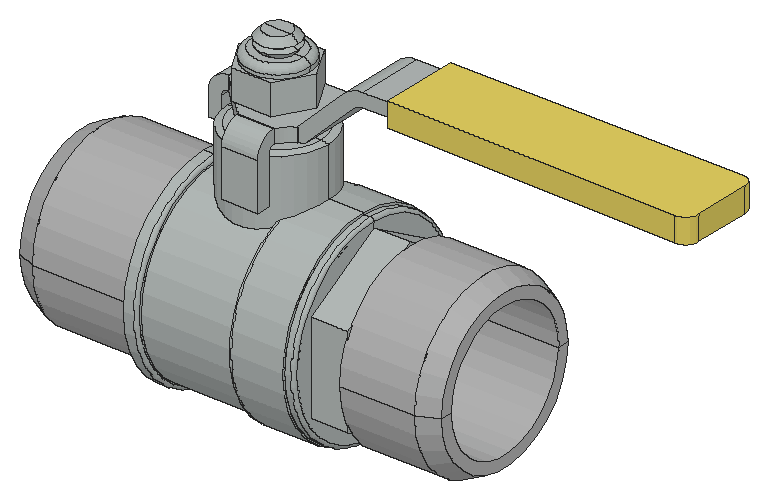
Revit family "QS13801020", category Apparecchi idraulici, Revit 2020
Family settings
  Quota connettore circolare = Usa diametro
  Tipo di parte = Normale
  Numero OmniClass = 23.45.00.00
  Titolo OmniClass = Sanitary, Laundry, and Cleaning Equipment
  Basato su piano di lavoro = No
  Sempre verticale = Sì
  Taglio con vuoti quando caricato = No
  Condiviso = No
  Punto di calcolo locali = No
Parameters
  URL = "https://web.cimberio.com/index.php/figura/1500?subcategoria_id=95698"
  Temperatura di esercizio = "-20° :+60°"
  Prospetto di default = 0 mm
  Produttore = "CIMBERIO SPA"
  Pressione nominale = "MOP 5"
  Modello = "Cim 202OCG"
  Materiale = "Prodotto in lega di ottone conforme alla norma EN 12165-CW617N-DW"
  Descrizione = "Utilizzato nell’impiantistica distributiva di gas a bassa pressione per le categorie:\r\nGas naturali: gas derivati dal petrolio (Metano) e gas di ricambio.\r\nGas di città: prodotti secondo i diversi procedimenti (Cracking - Cokerie - ecc.).\r\nGas liquidi: propano e miscele di gas propano/butano"
  DN Model [instance] = QS13801020_OK : QS13801020_OK
  DN [instance] = 20 mm
  Commenti sul tipo = "Realizzato in ottemperanza ai requisiti gestionali della norma EN ISO 9001.\r\nCollaudato al 100% secondo la normativa EN 12266-1"
Reference planes
  plane 1 "Centro (Fronte/Retro)": y = 0
  plane 2: z = 0
  plane 3 "Centro (Sinistra/Destra)": x = 0
Dimensions and locks
  aligned and locked: level to plane 2
Nested families
  nested 1: "QS13801020_OK" at (0, 0, 0), type <- "DN Model", type "QS13801020_OK"
  nested 2: "QS13801020_OK" at (0, 0, 0), type <- "DN Model", type "QS13801020_OK"
  nested 3: "QS13801020_OK" at (0, 0, 0), type <- "DN Model", type "QS13801020_OK"
  nested 4: "QS13801020_OK" at (0, 0, 0), type <- "DN Model", type "QS13801020_OK"
  nested 5: "QS13801020_OK" at (0, 0, 0), type <- "DN Model", type "QS13801020_OK"
Connectors
  piping at (33.7, 0, 0), diameter 20, driven by "DN"
    settings: on nested 1, index 1, connector inside diameter 609.6 mm, connector length 0 mm, flow factor 0, pipe flow 0.0 L/s, pressure drop 0.0 Pa, fitting loss kfactor 0, connector angle 0.00°, fixture units 0, engagement length 0 mm, angle of deflection 0.00°, flow configuration 0, flow direction 0, fitting loss method 0, system type 7, joint type 0, gender type 0, connector reference index -1, connector utility 0, adjustable connector no, is connector primary yes, connector description ""
  piping at (-29, 0, 0), diameter 20, driven by "DN"
    settings: on nested 1, index 2, connector inside diameter 609.6 mm, connector length 0 mm, flow factor 0, pipe flow 0.0 L/s, pressure drop 0.0 Pa, fitting loss kfactor 0, connector angle 0.00°, fixture units 0, engagement length 0 mm, angle of deflection 0.00°, flow configuration 0, flow direction 0, fitting loss method 0, system type 7, joint type 0, gender type 0, connector reference index -1, connector utility 0, adjustable connector no, is connector primary no, connector description ""
Definition of nested family "QS13801020_OK"
  Parameters (values of type "QS13801020_OK")
    Default Elevation = 0 mm
  Reference planes
    plane 1 "Centro (Fronte/Retro)": y = 0
    plane 2: z = 0
    plane 3 "Centro (Sinistra/Destra)": x = 0
  Forms (mm)
    Revolve 1, solid
      sketch origin (5.5, 0, 0) x (1, 0, 0) y (0, 1, 0)
        loop
          line (-34.5, 10) -> (-16.5, 10) -> (-16.5, 13.11) -> (-31.57, 13.11) -> (-34.5, 11.682) -> (-34.5, 10)
        axis (-34.5, 0) -> (-16.5, 0)
      angle from 0 to 360
    Revolve 2, solid
      sketch origin (0, 0, 0) x (1, 0, 0) y (0, 0, 1)
        loop
          line (-11, -10) -> (-11, -15) -> (-9.499, -15)
          arc (-9.499, -15) -> (-9.146, -14.853) -> (-9, -14.5) r 0.5
          line (-9, -14.5) -> (-9, -10) -> (-11, -10)
        axis (-9, 0) -> (-11, 0)
      angle from 0 to 360
    Revolve 3, solid
      sketch origin (0, 0, 0) x (1, 0, 0) y (0, 0, 1)
        loop
          line (-9, -14.3) -> (4.5, -14.3) -> (4.5, -10) -> (-9, -10) -> (-9, -14.3)
        axis (-9, 0) -> (4.5, 0)
      angle from 0 to 360
    Revolve 4, solid
      sketch origin (0, 0, 0) x (1, 0, 0) y (0, 0, 1)
        loop
          arc (4.5, -14.5) -> (4.647, -14.854) -> (5.001, -15) r 0.5
          line (5.001, -15) -> (12.7, -15) -> (12.7, -10) -> (4.5, -10) -> (4.5, -14.5)
        axis (4.5, 0) -> (12.7, 0)
      angle from 0 to 360
    Revolve 5, solid
      sketch origin (0, 0, 0) x (1, 0, 0) y (0, 0, 1)
        loop
          line (14.2, -14.25) -> (14.2, -10) -> (12.7, -10) -> (12.7, -14.75) -> (13.7, -14.75)
          arc (13.7, -14.75) -> (14.054, -14.604) -> (14.2, -14.25) r 0.5
        axis (12.7, 0) -> (14.2, 0)
      angle from 0 to 360
    Extrusion 6, solid
      sketch origin (0, 0, 0) x (0, 1, 0) y (0, 0, 1)
        loop
          circle (0, 0) r 10
        loop
          line (0, 13.5) -> (-11.691, 6.75) -> (-11.691, -6.75) -> (0, -13.5) -> (11.691, -6.75) -> (11.691, 6.75) -> (0, 13.5)
      from 14.2 to 19.7
    Revolve 7, solid
      sketch origin (-0.8, 0, 0) x (-1, 0, 0) y (0, -1, 0)
        loop
          line (-34.5, -10) -> (-34.5, -11.682) -> (-31.57, -13.11) -> (-20.478, -13.11) -> (-20.478, -10) -> (-34.5, -10)
        axis (-34.5, 0) -> (-20.478, 0)
      angle from 0 to 360
    Revolve 8, solid
      sketch origin (0, 0, 0) x (1, 0, 0) y (0, 0, 1)
        loop
          line (6.5, 22.5) -> (0, 22.5) -> (0, 11.331) -> (7.478, 11.331) -> (7.506, 22.231) -> (6.5, 22.5)
        axis (0, 22.5) -> (0, 11.331)
      angle from 0 to 360
    Revolve 9, solid
      sketch origin (0, 0, 0) x (1, 0, 0) y (0, 0, 1)
        loop
          line (-3.975, 22.5) -> (0, 22.5) -> (0, 27.573) -> (-3.975, 27.573) -> (-3.975, 22.5)
        axis (0, 27.573) -> (0, 22.5)
      angle from 0 to 360
    Revolve 10, solid
      sketch origin (0, 0, 0) x (1, 0, 0) y (0, 0, 1)
        loop
          line (0, 30.034) -> (4.75, 30.034) -> (4.75, 31.55)
          arc (4.75, 31.55) -> (4.457, 32.257) -> (3.75, 32.55) r 1
          line (3.75, 32.55) -> (2.5, 32.55) -> (2.997, 33.186) -> (2.296, 33.641) -> (3.004, 34.05) -> (1.998, 35.056) -> (0, 35.056) -> (0, 30.034)
        axis (0, 35.056) -> (0, 30.034)
      angle from 0 to 360
    Extrusion 11, solid
      sketch origin (0, 0, 28.55) x (1, 0, 0) y (0, 1, 0)
        loop
          line (-7, 5) -> (-7, -0.4) -> (-0.4, -7) -> (5.172, -7)
          arc (5.172, -7) -> (5.879, -5.879) -> (7, -5.172) r 3
          line (7, -5.172) -> (7, 5) -> (-7, 5)
      from -4 to -2
    Extrusion 12, solid
      sketch origin (0, 0, 26.55) x (1, 0, 0) y (0, 1, 0)
        loop
          line (5.773, 0) -> (2.887, 5) -> (-2.887, 5) -> (-5.773, 0) -> (-2.887, -5) -> (2.887, -5) -> (5.773, 0)
      from 0 to 4.5
    Extrusion 13, solid
      sketch origin (0, 0, 0) x (1, 0, 0) y (0, 0, 1)
        loop
          line (7, 26.55) -> (7, 24.55)
          arc (7, 24.55) -> (7.765, 24.702) -> (8.414, 25.136) r 2
          line (8.414, 25.136) -> (15.239, 31.96)
          arc (15.239, 31.96) -> (15.889, 32.395) -> (16.656, 32.547) r 2
          line (16.656, 32.547) -> (21.001, 32.547) -> (21.001, 34.547) -> (16.656, 34.547)
          arc (16.656, 34.547) -> (15.123, 34.243) -> (13.824, 33.374) r 4
          line (13.824, 33.374) -> (7, 26.55)
      from -5 to 5
    Extrusion 14, solid
      sketch origin (0, 0, 26.55) x (1, 0, 0) y (0, 1, 0)
        loop
          arc (66.001, 4.229) -> (65.409, 5.658) -> (63.98, 6.25) r 2.021
          line (63.98, 6.25) -> (21.001, 5.8) -> (21.001, -5.8) -> (63.98, -6.25)
          arc (63.98, -6.25) -> (65.408, -5.672) -> (66.001, -4.25) r 2
          line (66.001, -4.25) -> (66.001, 4.229)
      from 5.197 to 8.797
    Extrusion 15, solid
      sketch origin (0, 0, 0) x (1, 0, 0) y (0, 0, 1)
        loop
          arc (-7, 26.55) -> (-9.121, 25.671) -> (-10, 23.55) r 3
          line (-10, 23.55) -> (-10, 20) -> (-8, 20) -> (-8, 23.55)
          arc (-8, 23.55) -> (-7.707, 24.257) -> (-7, 24.55) r 1
          line (-7, 24.55) -> (-7, 26.55)
      from -5 to 0.4
    Extrusion 16, solid
      sketch origin (4.6, 0, 0) x (0, 1, 0) y (0, 0, 1)
        loop
          arc (-7, 26.55) -> (-9.121, 25.671) -> (-10, 23.55) r 3
          line (-10, 23.55) -> (-10, 16.55) -> (-8, 16.55) -> (-8, 23.55)
          arc (-8, 23.55) -> (-7.707, 24.257) -> (-7, 24.55) r 1
          line (-7, 24.55) -> (-7, 26.55)
      from -5 to 0.4
  Dimensions and locks
    aligned and locked: level to plane 2
